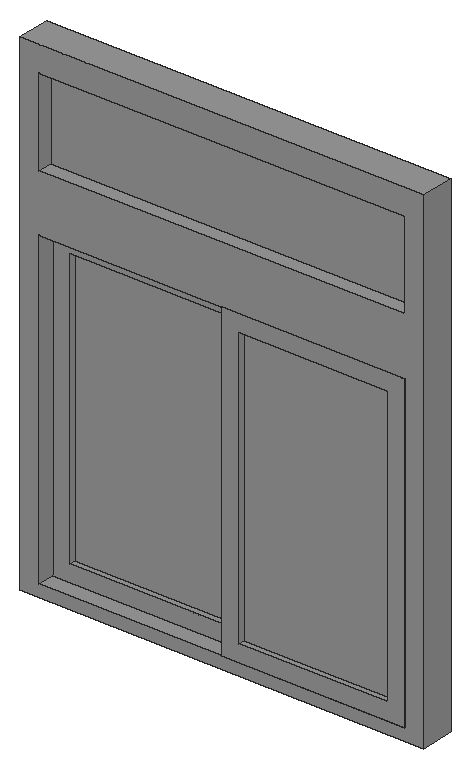
Revit family "Window W2", category Windows, host Wall, Revit 2025
Family settings
  Host = Wall
  OmniClass Number = 23.30.20.00
  OmniClass Title = Windows
  Always vertical = Yes
  Cut with Voids When Loaded = No
  Shared = No
  Room Calculation Point = No
Parameters (values of type "LR")
  Right Window = 1' - 7 3/4"
  Left Window = 1' - 9 3/4"
  Height = 4' - 0"
  Glass Material = Glass, Clear Glazing, Tempered
  Glass Depth = 0' - 0 1/2"
  Frame Material = Laminate, Black
  Depth = 0' - 4"
  Define Thermal Properties by = Schematic Type
  Default Sill Height = 3' - 0"
  Wall Closure = By host
  Width = 4' - 0"
  Analytic Construction = "<None>"
Types (3): name | Right Window | Left Window
  (no name) | 1' - 7 3/4" | 1' - 9 3/4"
  RL | 0' - 0" | 0' - 0"
  LR | 1' - 7 3/4" | 1' - 9 3/4"
Reference planes (in)
  plane 1 "Center (Front/Back)": y = 0
  plane 2: z = 0
  plane 3 "Center (Left/Right)": x = 0
  plane 4 "Sill": z = 36
  plane 5 "Top": z = 84
  plane 6 "Exterior": y = 2
  plane 7 "Interior": y = -2
  plane 8: y = 0.25
  plane 9: y = -0.25
Forms (in)
  Extrusion 1, solid, material "Laminate, Black" <- "Frame Material"
    sketch origin (0, 0, 0) x (1, 0, 0) y (0, 0, 1)
      loop
        line (21.75, 74.625) -> (-21.75, 74.625) -> (-21.75, 37.4375) -> (21.75, 37.4375) -> (21.75, 74.625)
      loop
        line (21.75, 92) -> (-21.75, 92) -> (-21.75, 81.5) -> (21.75, 81.5) -> (21.75, 92)
      loop
        line (24, 95) -> (-24, 95) -> (-24, 36) -> (24, 36) -> (24, 95)
    from -2 to 2
  Extrusion 2, solid, material "Glass, Clear Glazing, Tempered" <- "Glass Material"
    sketch origin (0, 0, 0) x (1, 0, 0) y (0, 0, 1)
      loop
        line (21.75, 92) -> (-21.75, 92) -> (-21.75, 81.5) -> (21.75, 81.5) -> (21.75, 92)
    from -0.25 to 0.25
Lines and regions (in)
  Opening 1
    outline origin (-60, -7, 0) x (1, 0, 0) y (0, 0, 1)
      loop
        line (36, 95) -> (36, 36) -> (84, 36) -> (84, 95) -> (36, 95)
  model lines
    curve 1: line (21.75, 2, 74.625) -> (21.75, 2, 81.5)
    curve 2: line (-21.75, 2, 74.625) -> (-21.75, 2, 81.5)
    curve 3: line (21.75, 2, 37.4375) -> (21.75, 2, 36)
    curve 4: line (-21.75, 2, 37.4375) -> (-21.75, 2, 36)
    curve 5: line (-21.75, -2, 81.5) -> (-21.75, -2, 74.625)
    curve 6: line (21.75, -2, 81.5) -> (21.75, -2, 74.625)
    curve 7: line (-21.75, -2, 37.4375) -> (-21.75, -2, 36)
    curve 8: line (21.75, -2, 37.4375) -> (21.75, -2, 36)
Text (in)
  text "EXTERIOR" at (-58.6888, 50.90694, 0), in view "Ref. Level"
  text "INTERIOR" at (-58.6888, -37.76638, 0), in view "Ref. Level"
  text "Exterior" at (0, 43.65631, 123.19604), in view "Left"
  text "Exterior" at (0, 18.29385, 125.04747), in view "Right"
Dimensions and locks (in)
  "Height": plane 4 "Sill" to plane 5 "Top"
  "Default Sill Height": plane 2 to plane 4 "Sill"
  equal spacing: Extrusion 1 sketch curve, plane 3 "Center (Left/Right)", Extrusion 1 sketch curve  (x3)
  "Width": Extrusion 1 sketch curve to Extrusion 1 sketch curve
  Extrusion 1 sketch curve to Extrusion 1 sketch curve = 0' - 2 1/4"  (x2)
  plane 4 "Sill" to Extrusion 1 sketch curve = 4' - 11"
  Extrusion 1 sketch curve to Extrusion 1 sketch curve = 0' - 3"  (x2)
  plane 4 "Sill" to Extrusion 1 sketch curve = 0' - 1 7/16"
  Extrusion 1 sketch curve to Extrusion 1 sketch curve = 3' - 1 3/16"  (x2)
  Extrusion 1 sketch curve to Extrusion 1 sketch curve = 0' - 6 7/8"
  equal spacing: plane 6 "Exterior", plane 1 "Center (Front/Back)", plane 7 "Interior"
  "Depth": plane 6 "Exterior" to plane 7 "Interior"
  equal spacing: host wall, plane 1 "Center (Front/Back)", host wall
  equal spacing: plane 8, plane 1 "Center (Front/Back)", plane 9
  "Glass Depth": plane 8 to plane 9
  host wall to host wall = 4' - 0"
  "Left Window": Extrusion 1 to nested 1
  "Right Window": nested 2 to Extrusion 1
  aligned and locked: plane 4 "Sill" to Opening 1 sketch curve  (x2)
  aligned and locked: level to plane 2
  aligned and locked: Extrusion 1 sketch curve to plane 4 "Sill"
  aligned and locked: Extrusion 1 to plane 7 "Interior"
  aligned and locked: plane 6 "Exterior" to Extrusion 1
  aligned and locked: Extrusion 1 to Opening 1 sketch curve  (x2)
  aligned and locked: Opening 1 sketch curve to Extrusion 1
  aligned and locked: plane 8 to Extrusion 2
  aligned and locked: Extrusion 2 to plane 9
  aligned and locked: Extrusion 2 sketch curve to Extrusion 1  (x2)
Automatic sketch dimensions
  Extrusion 2 sketch curve to plane 5 "Top" = 0' - 8"
  plane 5 "Top" to Extrusion 2 sketch curve = 0' - 2 1/2"
  curve 3 to plane 4 "Sill" = 0' - 0"
  curve 4 to plane 4 "Sill" = 0' - 0"
  plane 5 "Top" to curve 1 = 0' - 2 1/2"
  plane 3 "Center (Left/Right)" to curve 1 = 1' - 9 3/4"
  plane 3 "Center (Left/Right)" to curve 3 = 1' - 9 3/4"
  plane 5 "Top" to curve 2 = 0' - 2 1/2"
  curve 2 to plane 3 "Center (Left/Right)" = 1' - 9 3/4"
  curve 4 to plane 4 "Sill" = 0' - 1 7/16"
  curve 4 to plane 3 "Center (Left/Right)" = 1' - 9 3/4"
  curve 3 to plane 4 "Sill" = 0' - 1 7/16"
  curve 2 to curve 2 = 0' - 6 7/8"
  curve 1 to curve 1 = 0' - 6 7/8"
  curve 8 to plane 4 "Sill" = 0' - 0"
  curve 7 to plane 4 "Sill" = 0' - 0"
  curve 8 to plane 4 "Sill" = 0' - 1 7/16"
  plane 3 "Center (Left/Right)" to curve 8 = 1' - 9 3/4"
  plane 5 "Top" to curve 6 = 0' - 2 1/2"
  plane 3 "Center (Left/Right)" to curve 6 = 1' - 9 3/4"
  curve 7 to plane 3 "Center (Left/Right)" = 1' - 9 3/4"
  plane 5 "Top" to curve 5 = 0' - 9 3/8"
  curve 5 to plane 3 "Center (Left/Right)" = 1' - 9 3/4"
  curve 7 to plane 4 "Sill" = 0' - 1 7/16"
  curve 6 to curve 6 = 0' - 6 7/8"
  plane 5 "Top" to curve 5 = 0' - 2 1/2"
Nested families (in)
  nested 1: "Window" at (10.875, -1, 37.4375), type "B"
  nested 2: "Window" at (-9.875, 1, 37.4375), type "A"
Definition of nested family "Window"
  Parameters (values of type "B")
    Width = Inner Width + (Frame Size * 2)  # 1' - 9 3/4"
    Inner Width = 1' - 5 3/4"
    Glass Material = none
    Glass Depth = 0' - 0 1/2"
    Frame Size = 0' - 2"  # constant formula
    Frame Material = none
    Depth = 0' - 2"
    Default Elevation = 0' - 0"
  Types (2): name | Width | Inner Width
    A | 1' - 11 3/4" | 1' - 7 3/4"
    B | 1' - 9 3/4" | 1' - 5 3/4"
  Reference planes (in)
    plane 1 "Center (Front/Back)": y = 0
    plane 2: z = 0
    plane 3 "Center (Left/Right)": x = 0
    plane 4: y = 1
    plane 5: y = -1
    plane 6: y = 0.25
    plane 7: y = -0.25
  Forms (in)
    Extrusion 1, solid, material <- "Frame Material"
      sketch origin (0, 0, 0) x (1, 0, 0) y (0, 0, 1)
        loop
          line (-10.875, 37.1875) -> (-10.875, 0) -> (10.875, 0) -> (10.875, 37.1875) -> (-10.875, 37.1875)
        loop
          line (8.875, 35.1875) -> (-8.875, 35.1875) -> (-8.875, 2) -> (8.875, 2) -> (8.875, 35.1875)
      from -1 to 1
    Extrusion 2, solid, material <- "Glass Material"
      sketch origin (0, 0, 0) x (1, 0, 0) y (0, 0, 1)
        loop
          line (-8.875, 35.1875) -> (-8.875, 2) -> (8.875, 2) -> (8.875, 35.1875) -> (-8.875, 35.1875)
      from -0.25 to 0.25
  Lines and regions (in)
    symbolic lines
      curve 1: line (-8.875, 1, 0) -> (-8.34984, 0.25, 0)
      curve 2: line (-8.875, -1, 0) -> (-8.34984, -0.25, 0)
      curve 3: line (8.875, 1, 0) -> (8.34984, 0.25, 0)
      curve 4: line (8.875, -1, 0) -> (8.34984, -0.25, 0)
  Dimensions and locks (in)
    Extrusion 1 sketch curve to plane 2 = 3' - 1 3/16"
    equal spacing: plane 4, plane 1 "Center (Front/Back)", plane 5
    "Depth": plane 4 to plane 5
    equal spacing: plane 6, plane 1 "Center (Front/Back)", plane 7
    "Glass Depth": plane 6 to plane 7
    equal spacing: Extrusion 1 sketch curve, plane 3 "Center (Left/Right)", Extrusion 1 sketch curve  (x2)
    "Inner Width": Extrusion 1 sketch curve to Extrusion 1 sketch curve
    "Width": Extrusion 1 sketch curve to Extrusion 1 sketch curve
    "Frame Size": Extrusion 1 sketch curve to Extrusion 1 sketch curve  (x2)
    Extrusion 1 to curve 1 = 0' - 0"
    Extrusion 1 to curve 2 = 0' - 0"
    curve 3 to Extrusion 1 = 0' - 0"
    curve 4 to Extrusion 1 = 0' - 0"
    aligned and locked: plane 2 to level
    aligned and locked: Extrusion 1 to plane 5
    aligned and locked: plane 4 to Extrusion 1
    aligned and locked: Extrusion 2 to plane 7
    aligned and locked: plane 6 to Extrusion 2
    aligned and locked: Extrusion 1 to Extrusion 2 sketch curve  (x2)
    aligned and locked: Extrusion 2 sketch curve to Extrusion 1  (x2)
  Automatic sketch dimensions
    curve 2 to plane 7 = 0' - 0"
    curve 1 to plane 6 = 0' - 0"
    curve 3 to plane 6 = 0' - 0"
    curve 4 to plane 7 = 0' - 0"
    curve 4 to plane 5 = 0' - 0"
    curve 3 to plane 4 = 0' - 0"
    curve 2 to plane 5 = 0' - 0"
    curve 1 to plane 4 = 0' - 0"
    curve 2 to curve 2 = 0' - 0.52516"
    curve 1 to curve 2 = 0' - 0"
    curve 4 to curve 4 = 0' - 0.52516"
    curve 3 to curve 3 = 0' - 0.52516"
    Extrusion 1 sketch curve to level = 0' - 0"
